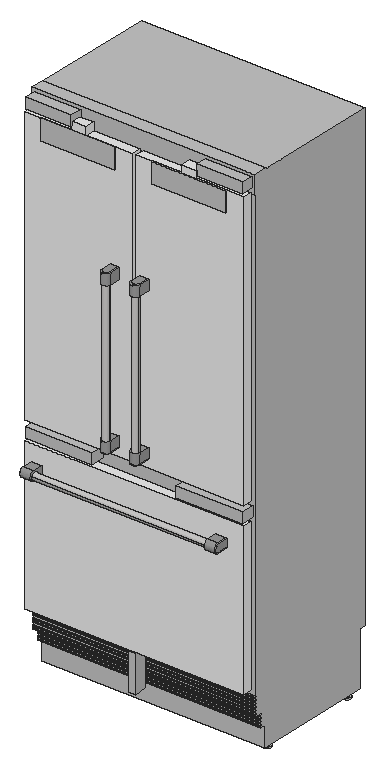
Revit family "FP-Revit20-en-RS3684AUVE1-IntegratedRefrigerator-0-9000XXXXA-US-CA", category Specialty Equipment, Revit 2020 (continued)
Definition of nested family "Handle Contemporary Round - Vertical"
  Parameters (values of type "AHSRD9121W - Contemporary round handle (1 of 2) (Vertical) 727mm")
    URL = "www.fisherpaykel.com"
    Material - Handle = none
    Manufacturer = "Fisher & Paykel Appliances"
    Handle - Length = 727 mm
    Default Elevation = 0 mm
  Types (3, lengths in mm): name | Handle - Length
    AHSRD3084W - Contemporary round handle (1 of 2) (Vertical) 727mm | 727
    AHSRD9121W - Contemporary round handle (1 of 2) (Vertical) 727mm | 727
    AHSRD3684W - Contemporary round handle (1 of 2) (Vertical) 879mm | 879
  Reference planes
    plane 1 "Center (Front/Back)": y = 0
    plane 2: z = 0
    plane 3 "Center (Left/Right)": x = 0
    plane 4 "Top": z = 363.5
    plane 5 "Bottom": z = -363.5
    plane 6 "Top Standoff": z = 243.5
    plane 7 "Bottom Standoff": z = -243.5
  Forms (mm)
    Extrusion 1, solid, material <- "Material - Handle"
      sketch origin (0, 0, 0) x (1, 0, 0) y (0, 1, 0)
        loop
          circle (0, -32.3) r 8.7
      from -243.5 to 243.5
    Extrusion 2, solid, material <- "Material - Handle", detail levels fine
      sketch origin (0, 0, 0) x (1, 0, 0) y (0, 1, 0)
        loop
          line (-8.7, 0) -> (-8.7, -32.3)
          arc (-8.7, -32.3) -> (0, -41) -> (8.7, -32.3) r 8.7
          line (8.7, -32.3) -> (8.7, 0) -> (-8.7, 0)
      from 243.5 to 363.5
    Extrusion 3, solid, material <- "Material - Handle", detail levels fine
      sketch origin (0, 0, 0) x (1, 0, 0) y (0, 1, 0)
        loop
          line (-8.7, 0) -> (-8.7, -32.3)
          arc (-8.7, -32.3) -> (0, -41) -> (8.7, -32.3) r 8.7
          line (8.7, -32.3) -> (8.7, 0) -> (-8.7, 0)
      from -363.5 to -243.5
    Sweep 4, void
      path in 3D
        loop
          line (8.7, 0, -363.5) -> (8.7, -32.3, -363.5)
          arc (8.7, -32.3, -363.5) -> (0, -41, -363.5) -> (-8.7, -32.3, -363.5) r 8.7
          line (-8.7, -32.3, -363.5) -> (-8.7, 0, -363.5)
      profile origin (8.7, -16.15, -363.5) x (-1, 0, 0) y (0, 0, -1)
        loop
          line (0, 0) -> (0, -1) -> (1, 0) -> (0, 0)
    Sweep 5, void
      path in 3D
        loop
          line (-8.7, 0, 363.5) -> (-8.7, -32.3, 363.5)
          arc (-8.7, -32.3, 363.5) -> (0, -41, 363.5) -> (8.7, -32.3, 363.5) r 8.7
          line (8.7, -32.3, 363.5) -> (8.7, 0, 363.5)
      profile origin (8.7, -16.15, 363.5) x (-1, 0, 0) y (0, 0, 1)
        loop
          line (0, 0) -> (0, -1) -> (1, 0) -> (0, 0)
    Extrusion 6, solid, material <- "Material - Handle", detail levels coarse+medium
      sketch origin (0, 0, 0) x (1, 0, 0) y (0, 1, 0)
        loop
          line (-8.7, 0) -> (-8.7, -32.3)
          arc (-8.7, -32.3) -> (0, -41) -> (8.7, -32.3) r 8.7
          line (8.7, -32.3) -> (8.7, 0) -> (-8.7, 0)
      from 243.5 to 363.5
    Extrusion 7, solid, material <- "Material - Handle", detail levels coarse+medium
      sketch origin (0, 0, 0) x (1, 0, 0) y (0, 1, 0)
        loop
          line (-8.7, 0) -> (-8.7, -32.3)
          arc (-8.7, -32.3) -> (0, -41) -> (8.7, -32.3) r 8.7
          line (8.7, -32.3) -> (8.7, 0) -> (-8.7, 0)
      from -363.5 to -243.5
  Cuts and joins
    Sweep 4 cuts Extrusion 3
    Sweep 5 cuts Extrusion 2
  Lines and regions (mm)
    sketch lines
      curve 1: line (8.7, 0, -363.5) -> (8.7, -32.3, -363.5)
      curve 2: arc (-8.7, -32.3, -363.5) -> (0, -41, -363.5) -> (8.7, -32.3, -363.5) r 8.7
      curve 3: line (-8.7, -32.3, -363.5) -> (-8.7, 0, -363.5)
      curve 4: line (8.7, -32.3, 363.5) -> (8.7, 0, 363.5)
      curve 5: arc (8.7, -32.3, 363.5) -> (0, -41, 363.5) -> (-8.7, -32.3, 363.5) r 8.7
      curve 6: line (-8.7, 0, 363.5) -> (-8.7, -32.3, 363.5)
  Dimensions and locks
    equal spacing: plane 4 "Top", level, plane 5 "Bottom"
    "Handle - Length": plane 4 "Top" to plane 5 "Bottom"
    locked: plane 4 "Top" to plane 6 "Top Standoff" at 120
    locked: plane 7 "Bottom Standoff" to plane 5 "Bottom" at 120
    Extrusion 2 sketch curve to Extrusion 2 sketch curve = 17.4 mm
    Extrusion 3 sketch curve to Extrusion 3 sketch curve = 17.4 mm
    Extrusion 6 sketch curve to Extrusion 6 sketch curve = 17.4 mm
    Extrusion 7 sketch curve to Extrusion 7 sketch curve = 17.4 mm
    aligned and locked: level to plane 2
    aligned and locked: plane 4 "Top" to Extrusion 2
    aligned and locked: Extrusion 3 to plane 5 "Bottom"
    aligned and locked: plane 7 "Bottom Standoff" to Extrusion 3
    aligned and locked: Extrusion 1 to plane 7 "Bottom Standoff"
    aligned and locked: plane 6 "Top Standoff" to Extrusion 1
    aligned and locked: Extrusion 2 to Extrusion 1
    aligned and locked: Extrusion 6 to Extrusion 1
    aligned and locked: plane 4 "Top" to Extrusion 6
    aligned and locked: Extrusion 7 to Extrusion 1
    aligned and locked: Extrusion 7 to plane 5 "Bottom"
  Automatic sketch dimensions
    Extrusion 1 sketch curve to plane 3 "Center (Left/Right)" = 0 mm
    plane 1 "Center (Front/Back)" to Extrusion 1 sketch curve = 32.3 mm
    plane 1 "Center (Front/Back)" to Extrusion 2 sketch curve = 0 mm
    Extrusion 2 sketch curve to plane 3 "Center (Left/Right)" = 0 mm
    Extrusion 2 sketch curve to plane 3 "Center (Left/Right)" = 8.7 mm
    plane 1 "Center (Front/Back)" to Extrusion 2 sketch curve = 32.3 mm
    plane 1 "Center (Front/Back)" to Extrusion 3 sketch curve = 0 mm
    Extrusion 3 sketch curve to plane 3 "Center (Left/Right)" = 0 mm
    Extrusion 3 sketch curve to plane 3 "Center (Left/Right)" = 8.7 mm
    plane 1 "Center (Front/Back)" to Extrusion 3 sketch curve = 32.3 mm
    Sweep 4 sketch curve to profile plane = 0 mm  (x2)
    Sweep 4 sketch curve to profile plane = 1 mm  (x2)
    Sweep 5 sketch curve to profile plane = 0 mm  (x2)
    Sweep 5 sketch curve to profile plane = 1 mm  (x2)
    Extrusion 6 sketch curve to plane 3 "Center (Left/Right)" = 0 mm
    Extrusion 6 sketch curve to plane 3 "Center (Left/Right)" = 8.7 mm
    plane 1 "Center (Front/Back)" to Extrusion 6 sketch curve = 32.3 mm
    Extrusion 6 sketch curve to Extrusion 6 sketch curve = 32.3 mm
    Extrusion 7 sketch curve to plane 3 "Center (Left/Right)" = 0 mm
    Extrusion 7 sketch curve to plane 3 "Center (Left/Right)" = 8.7 mm
    plane 1 "Center (Front/Back)" to Extrusion 7 sketch curve = 32.3 mm
    Extrusion 7 sketch curve to Extrusion 7 sketch curve = 32.3 mm
    radius of Extrusion 1 sketch curve = 8.7 mm
Definition of nested family "Handle Professional Round - Horizontal"
  Parameters (values of type "AHP3RD9121W - Professional round handle (2 of 2) (Horizontal) 798mm")
    URL = "www.fisherpaykel.com"
    Material - Standoff = none
    Material - Handle = none
    Manufacturer = "Fisher & Paykel Appliances"
    Handle - Length = 798 mm
    Default Elevation = 0 mm
  Types (4, lengths in mm): name | Handle - Length
    AHCRD3084W - Professional round handle (2 of 2) (Horizontal) 580mm | 646
    AHP3RD9121W - Professional round handle (2 of 2) (Horizontal) 798mm | 798
    AHP3RD3684WBA - Professional round handle Brass (2 of 2) (Horizontal) 798mm | 798
    AHP3RD3684WDC - Professional round handle Dark Copper (2 of 2) (Horizontal) 798mm | 798
  Reference planes
    plane 1 "Center (Front/Back)": y = 0
    plane 2: z = 0
    plane 3 "Center (Left/Right)": x = 0
    plane 4 "Product LHS": x = -399
    plane 5 "Product RHS": x = 399
    plane 6 "LHS Standoff": x = -355
    plane 7 "RHS Standoff": x = 355
  Forms (mm)
    Extrusion 1, solid, material <- "Material - Standoff", detail levels fine
      sketch origin (0, 0, 0) x (0, 1, 0) y (0, 0, 1)
        loop
          line (0, 18.5) -> (-41.7, 18.5)
          arc (-41.7, 18.5) -> (-60.2, 0) -> (-41.7, -18.5) r 18.5
          line (-41.7, -18.5) -> (0, -18.5) -> (0, 18.5)
      from 355 to 399
    Extrusion 2, solid, material <- "Material - Standoff", detail levels fine
      sketch origin (0, 0, 0) x (0, 1, 0) y (0, 0, 1)
        loop
          line (0, 18.5) -> (-41.7, 18.5)
          arc (-41.7, 18.5) -> (-60.2, 0) -> (-41.7, -18.5) r 18.5
          line (-41.7, -18.5) -> (0, -18.5) -> (0, 18.5)
      from -399 to -355
    Sweep 3, void
      path in 3D
        loop
          line (399, 0, 18.5) -> (399, -41.7, 18.5)
          arc (399, -41.7, 18.5) -> (399, -60.2, 0) -> (399, -41.7, -18.5) r 18.5
          line (399, -41.7, -18.5) -> (399, 0, -18.5)
      profile origin (399, -20.85, 18.5) x (1, 0, 0) y (0, 0, 1)
        loop
          line (0, 0) -> (-3, 0) -> (0, -3) -> (0, 0)
    Sweep 4, void
      path in 3D
        loop
          line (-399, 0, -18.5) -> (-399, -41.7, -18.5)
          arc (-399, -41.7, -18.5) -> (-399, -60.2, 0) -> (-399, -41.7, 18.5) r 18.5
          line (-399, -41.7, 18.5) -> (-399, 0, 18.5)
      profile origin (-399, -20.85, 18.5) x (-1, 0, 0) y (0, 0, 1)
        loop
          line (0, 0) -> (-3, 0) -> (0, -3) -> (0, 0)
    Extrusion 5, solid, material <- "Material - Handle"
      sketch origin (0, -2.3, 0) x (0, 1, 0) y (0, 0, 1)
        loop
          circle (-39.4, 0) r 12.7
      from -355 to 355
    Extrusion 6, solid, material <- "Material - Standoff", detail levels coarse+medium
      sketch origin (0, 0, 0) x (0, 1, 0) y (0, 0, 1)
        loop
          line (0, 18.5) -> (-41.7, 18.5)
          arc (-41.7, 18.5) -> (-60.2, 0) -> (-41.7, -18.5) r 18.5
          line (-41.7, -18.5) -> (0, -18.5) -> (0, 18.5)
      from 399 to 355
    Extrusion 7, solid, material <- "Material - Standoff", detail levels coarse+medium
      sketch origin (0, 0, 0) x (0, 1, 0) y (0, 0, 1)
        loop
          line (0, 18.5) -> (-41.7, 18.5)
          arc (-41.7, 18.5) -> (-60.2, 0) -> (-41.7, -18.5) r 18.5
          line (-41.7, -18.5) -> (0, -18.5) -> (0, 18.5)
      from -355 to -399
  Cuts and joins
    Sweep 3 cuts Extrusion 1
    Sweep 4 cuts Extrusion 2
  Lines and regions (mm)
    sketch lines
      curve 1: line (399, 0, 18.5) -> (399, -41.7, 18.5)
      curve 2: arc (399, -41.7, -18.5) -> (399, -60.2, 0) -> (399, -41.7, 18.5) r 18.5
      curve 3: line (399, -41.7, -18.5) -> (399, 0, -18.5)
      curve 4: line (-399, -41.7, 18.5) -> (-399, 0, 18.5)
      curve 5: arc (-399, -41.7, 18.5) -> (-399, -60.2, 0) -> (-399, -41.7, -18.5) r 18.5
      curve 6: line (-399, 0, -18.5) -> (-399, -41.7, -18.5)
  Dimensions and locks
    equal spacing: plane 4 "Product LHS", plane 3 "Center (Left/Right)", plane 5 "Product RHS"
    "Handle - Length": plane 4 "Product LHS" to plane 5 "Product RHS"
    plane 4 "Product LHS" to plane 6 "LHS Standoff" = 44 mm
    plane 7 "RHS Standoff" to plane 5 "Product RHS" = 44 mm
    aligned and locked: level to plane 2
    aligned and locked: Extrusion 1 to plane 7 "RHS Standoff"
    aligned and locked: Extrusion 1 to plane 5 "Product RHS"
    aligned and locked: plane 4 "Product LHS" to Extrusion 2
    aligned and locked: plane 6 "LHS Standoff" to Extrusion 2
    aligned and locked: Extrusion 5 to plane 6 "LHS Standoff"
    aligned and locked: plane 7 "RHS Standoff" to Extrusion 5
    aligned and locked: plane 5 "Product RHS" to Extrusion 6
    aligned and locked: plane 7 "RHS Standoff" to Extrusion 6
    aligned and locked: Extrusion 7 to plane 4 "Product LHS"
    aligned and locked: Extrusion 7 to plane 6 "LHS Standoff"
  Automatic sketch dimensions
    Extrusion 1 sketch curve to level = 0 mm
    Extrusion 1 sketch curve to plane 1 "Center (Front/Back)" = 0 mm
    Extrusion 1 sketch curve to level = 18.5 mm
    plane 1 "Center (Front/Back)" to Extrusion 1 sketch curve = 41.7 mm
    Extrusion 2 sketch curve to level = 0 mm
    Extrusion 2 sketch curve to plane 1 "Center (Front/Back)" = 0 mm
    Extrusion 2 sketch curve to level = 18.5 mm
    plane 1 "Center (Front/Back)" to Extrusion 2 sketch curve = 41.7 mm
    Sweep 3 sketch curve to profile plane = 0 mm
    profile plane to Sweep 3 sketch curve = 0 mm
    profile plane to Sweep 3 sketch curve = 3 mm
    Sweep 3 sketch curve to profile plane = 3 mm
    Sweep 4 sketch curve to profile plane = 0 mm  (x2)
    profile plane to Sweep 4 sketch curve = 3 mm
    Sweep 4 sketch curve to profile plane = 3 mm
    Extrusion 5 sketch curve to level = 0 mm
    plane 1 "Center (Front/Back)" to Extrusion 5 sketch curve = 41.7 mm
    Extrusion 6 sketch curve to level = 0 mm
    level to Extrusion 6 sketch curve = 18.5 mm
    plane 1 "Center (Front/Back)" to Extrusion 6 sketch curve = 41.7 mm
    Extrusion 6 sketch curve to Extrusion 6 sketch curve = 41.7 mm
    Extrusion 7 sketch curve to level = 0 mm
    level to Extrusion 7 sketch curve = 18.5 mm
    plane 1 "Center (Front/Back)" to Extrusion 7 sketch curve = 41.7 mm
    Extrusion 7 sketch curve to Extrusion 7 sketch curve = 41.7 mm
    radius of Extrusion 5 sketch curve = 12.7 mm
Definition of nested family "Handle Professional Round - Vertical"
  Parameters (values of type "AHP3RD9121W - Professional round handle (1 of 2) (Vertical) 661mm")
    URL = "www.fisherpaykel.com"
    Material - Standoff = none
    Material - Handle = none
    Manufacturer = "Fisher & Paykel Appliances"
    Handle - Length = 661 mm
    Default Elevation = 0 mm
  Types (4): name
    AHCRD3084W - Professional round handle (1 of 2) (Vertical) 661mm
    AHP3RD9121W - Professional round handle (1 of 2) (Vertical) 661mm
    AHCRD3684WBA - Professional round handle Brass (1 of 2) (Vertical) 661mm
    AHCRD3684WDC - Professional round handle Dark Copper (1 of 2) (Vertical) 661mm
  Reference planes
    plane 1 "Center (Front/Back)": y = 0
    plane 2: z = 0
    plane 3 "Center (Left/Right)": x = 0
    plane 4 "Top": z = 330.5
    plane 5 "Bottom": z = -330.5
    plane 6 "Top Standoff": z = 286.5
    plane 7 "Bottom Standoff": z = -286.5
  Forms (mm)
    Extrusion 1, solid, material <- "Material - Standoff", detail levels fine
      sketch origin (0, 0, 0) x (1, 0, 0) y (0, 1, 0)
        loop
          line (-18.5, 0) -> (-18.5, -41.7)
          arc (-18.5, -41.7) -> (0, -60.2) -> (18.5, -41.7) r 18.5
          line (18.5, -41.7) -> (18.5, 0) -> (-18.5, 0)
      from 286.5 to 330.5
    Extrusion 2, solid, material <- "Material - Standoff", detail levels fine
      sketch origin (0, 0, 0) x (1, 0, 0) y (0, 1, 0)
        loop
          line (-18.5, 0) -> (-18.5, -41.7)
          arc (-18.5, -41.7) -> (0, -60.2) -> (18.5, -41.7) r 18.5
          line (18.5, -41.7) -> (18.5, 0) -> (-18.5, 0)
      from -330.5 to -286.5
    Extrusion 3, solid, material <- "Material - Handle"
      sketch origin (0, 0, 0) x (1, 0, 0) y (0, 1, 0)
        loop
          circle (0, -41.7) r 12.7
      from -286.5 to 286.5
    Sweep 4, void
      path in 3D
        loop
          line (-18.5, 0, 330.5) -> (-18.5, -41.7, 330.5)
          arc (-18.5, -41.7, 330.5) -> (0, -60.2, 330.5) -> (18.5, -41.7, 330.5) r 18.5
          line (18.5, -41.7, 330.5) -> (18.5, 0, 330.5)
      profile origin (18.5, -20.85, 330.5) x (-1, 0, 0) y (0, 0, 1)
        loop
          line (0, 0) -> (0, -3) -> (3, 0) -> (0, 0)
    Sweep 5, void
      path in 3D
        loop
          line (18.5, 0, -330.5) -> (18.5, -41.7, -330.5)
          arc (18.5, -41.7, -330.5) -> (0, -60.2, -330.5) -> (-18.5, -41.7, -330.5) r 18.5
          line (-18.5, -41.7, -330.5) -> (-18.5, 0, -330.5)
      profile origin (18.5, -20.85, -330.5) x (-1, 0, 0) y (0, 0, -1)
        loop
          line (0, 0) -> (0, -3) -> (3, 0) -> (0, 0)
    Extrusion 6, solid, material <- "Material - Standoff", detail levels coarse+medium
      sketch origin (0, 0, 0) x (1, 0, 0) y (0, 1, 0)
        loop
          line (-18.5, 0) -> (-18.5, -41.7)
          arc (-18.5, -41.7) -> (0, -60.2) -> (18.5, -41.7) r 18.5
          line (18.5, -41.7) -> (18.5, 0) -> (-18.5, 0)
      from 286.5 to 330.5
    Extrusion 7, solid, material <- "Material - Standoff", detail levels coarse+medium
      sketch origin (0, 0, 0) x (1, 0, 0) y (0, 1, 0)
        loop
          line (-18.5, 0) -> (-18.5, -41.7)
          arc (-18.5, -41.7) -> (0, -60.2) -> (18.5, -41.7) r 18.5
          line (18.5, -41.7) -> (18.5, 0) -> (-18.5, 0)
      from -330.5 to -286.5
  Cuts and joins
    Sweep 4 cuts Extrusion 1
    Sweep 5 cuts Extrusion 2
  Lines and regions (mm)
    sketch lines
      curve 1: line (18.5, -41.7, 330.5) -> (18.5, 0, 330.5)
      curve 2: arc (18.5, -41.7, 330.5) -> (0, -60.2, 330.5) -> (-18.5, -41.7, 330.5) r 18.5
      curve 3: line (-18.5, 0, 330.5) -> (-18.5, -41.7, 330.5)
      curve 4: line (18.5, 0, -330.5) -> (18.5, -41.7, -330.5)
      curve 5: arc (-18.5, -41.7, -330.5) -> (0, -60.2, -330.5) -> (18.5, -41.7, -330.5) r 18.5
      curve 6: line (-18.5, -41.7, -330.5) -> (-18.5, 0, -330.5)
  Dimensions and locks
    equal spacing: plane 4 "Top", level, plane 5 "Bottom"
    "Handle - Length": plane 4 "Top" to plane 5 "Bottom"
    plane 4 "Top" to plane 6 "Top Standoff" = 44 mm
    plane 7 "Bottom Standoff" to plane 5 "Bottom" = 44 mm
    aligned and locked: level to plane 2
    aligned and locked: plane 4 "Top" to Extrusion 1
    aligned and locked: Extrusion 1 to plane 6 "Top Standoff"
    aligned and locked: Extrusion 2 to plane 5 "Bottom"
    aligned and locked: plane 7 "Bottom Standoff" to Extrusion 2
    aligned and locked: plane 6 "Top Standoff" to Extrusion 3
    aligned and locked: Extrusion 3 to plane 7 "Bottom Standoff"
    aligned and locked: plane 4 "Top" to Extrusion 6
    aligned and locked: Extrusion 7 to plane 5 "Bottom"
    aligned and locked: plane 7 "Bottom Standoff" to Extrusion 7
    aligned and locked: Extrusion 6 to plane 6 "Top Standoff"
  Automatic sketch dimensions
    plane 1 "Center (Front/Back)" to Extrusion 1 sketch curve = 0 mm
    Extrusion 1 sketch curve to plane 3 "Center (Left/Right)" = 0 mm
    Extrusion 1 sketch curve to plane 3 "Center (Left/Right)" = 18.5 mm
    plane 1 "Center (Front/Back)" to Extrusion 1 sketch curve = 41.7 mm
    plane 1 "Center (Front/Back)" to Extrusion 2 sketch curve = 0 mm
    Extrusion 2 sketch curve to plane 3 "Center (Left/Right)" = 0 mm
    Extrusion 2 sketch curve to plane 3 "Center (Left/Right)" = 18.5 mm
    plane 1 "Center (Front/Back)" to Extrusion 2 sketch curve = 41.7 mm
    Extrusion 3 sketch curve to plane 3 "Center (Left/Right)" = 0 mm
    plane 1 "Center (Front/Back)" to Extrusion 3 sketch curve = 41.7 mm
    Sweep 4 sketch curve to profile plane = 0 mm  (x2)
    Sweep 4 sketch curve to profile plane = 3 mm  (x2)
    Sweep 5 sketch curve to profile plane = 0 mm  (x2)
    Sweep 5 sketch curve to profile plane = 3 mm  (x2)
    Extrusion 6 sketch curve to plane 3 "Center (Left/Right)" = 0 mm
    Extrusion 6 sketch curve to plane 3 "Center (Left/Right)" = 18.5 mm
    plane 1 "Center (Front/Back)" to Extrusion 6 sketch curve = 41.7 mm
    Extrusion 6 sketch curve to Extrusion 6 sketch curve = 41.7 mm
    Extrusion 7 sketch curve to plane 3 "Center (Left/Right)" = 0 mm
    Extrusion 7 sketch curve to plane 3 "Center (Left/Right)" = 18.5 mm
    plane 1 "Center (Front/Back)" to Extrusion 7 sketch curve = 41.7 mm
    Extrusion 7 sketch curve to Extrusion 7 sketch curve = 41.7 mm
    radius of Extrusion 3 sketch curve = 12.7 mm
Definition of nested family "Visibility Control Note 18"
  Types (3): name
    New
    Resolved
    Active
  Reference planes
    plane 1: y = 0
    plane 2: x = 0
  Text (mm)
    text "Edit Type: \nTo control handle kit \nand door panel visibility\n options\n\nDelete unwanted kits \nto reduce file size" at (-0.165, 35.556, 0)
